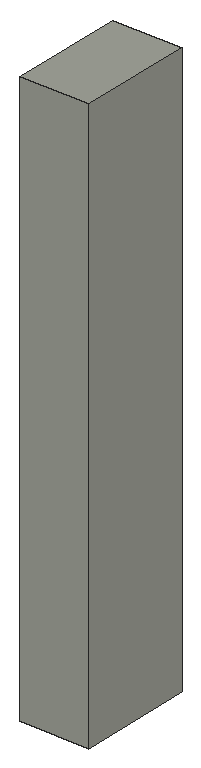
Revit family "Pilar_Con_Retangular", category Structural Columns, Revit 2025
Family settings
  Display in Hidden Views = Edges Hidden by Other Members
  Section Shape = Not Defined
  Material for Model Behavior = Concrete
  Always export as geometry = No
  Beam cutback in plan = From bounding box
  OmniClass Number = 23.25.30.11.14.11
  OmniClass Title = Columns
  Cut with Voids When Loaded = No
  Symbolic Representation = From Family
  Shared = No
  Show family pre-cut in plan views = Yes
Parameters (values of type "PIL_030x050_ESC_CON_RET")
  b = 300 mm
  h = 500 mm
  Structural Material [instance] = CT_Concreto
  Raio_Coluna = 200 mm
Types (20, lengths in mm): name | b | h | Structural Material
  PIL_030x050_ESC_CON_RET | 300 | 500 | CT_Concreto
  PIL_025x030_AUD_CON_RET | 250 | 300 | none
  PIL_020x030_ESC_CON_RET | 200 | 300 | none
  PIL_020x050_ESC_CON_RET | 200 | 500 | none
  PIL_020x040_FUN_CON_RET | 200 | 400 | none
  PIL_040x040_FUN_CON_RET | 400 | 400 | none
  PIL_015x015_BLC_CON_RET | 150 | 150 | none
  PIL_025x030_BLC_CON_RET | 250 | 300 | none
  PIL_030x050_COI_CON_RET | 300 | 500 | none
  PIL_095x095_BLC_CON_RET | 950 | 950 | none
  PIL_030x070_BLC_CON_RET | 300 | 700 | none
  PIL_030x100_BLC_CON_RET | 300 | 1000 | none
  PIL_025x085_BLC_CON_RET | 250 | 850 | none
  PIL_030x170_BLC_CON_RET | 300 | 1700 | none
  PIL_020x071_NUC_CON_RET | 200 | 710 | none
  PIL_025x092_NUC_CON_RET | 250 | 920 | none
  PIL_060x140_BLC_CON_RET | 600 | 1400 | none
  PIL_015x035_BRI_CON_RET | 350 | 150 | none
  PIL_050x050_BLC_CON_RET | 500 | 500 | none
  PIL_015x150_BRI_CON_RET | 1500 | 150 | none
Reference planes
  plane 1 "Center (Front/Back)": y = 0
  plane 2: z = 0
  plane 3 "Center (Left/Right)": x = 0
  plane 4: x = -150
  plane 5: x = 150
  plane 6: y = 250
  plane 7: y = -250
Forms (mm)
  Extrusion 1, solid, material "CT_Concreto" <- "Structural Material"
    sketch origin (0, 0, 0) x (1, 0, 0) y (0, 1, 0)
      loop
        line (-150, 250) -> (-150, -250) -> (150, -250) -> (150, 250) -> (-150, 250)
    from 0 to 2500
Dimensions and locks
  equal spacing: plane 4, plane 3 "Center (Left/Right)", plane 5
  equal spacing: plane 7, plane 1 "Center (Front/Back)", plane 6
  "h": plane 7 to plane 6
  "b": plane 4 to plane 5
  aligned and locked: plane 6 to Extrusion 1 sketch curve
  aligned and locked: Extrusion 1 sketch curve to plane 7
  aligned and locked: Extrusion 1 sketch curve to plane 4
  aligned and locked: plane 5 to Extrusion 1 sketch curve
  aligned and locked: level to Extrusion 1
  aligned and locked: level to plane 2
  aligned and locked: Extrusion 1 to plane 2
